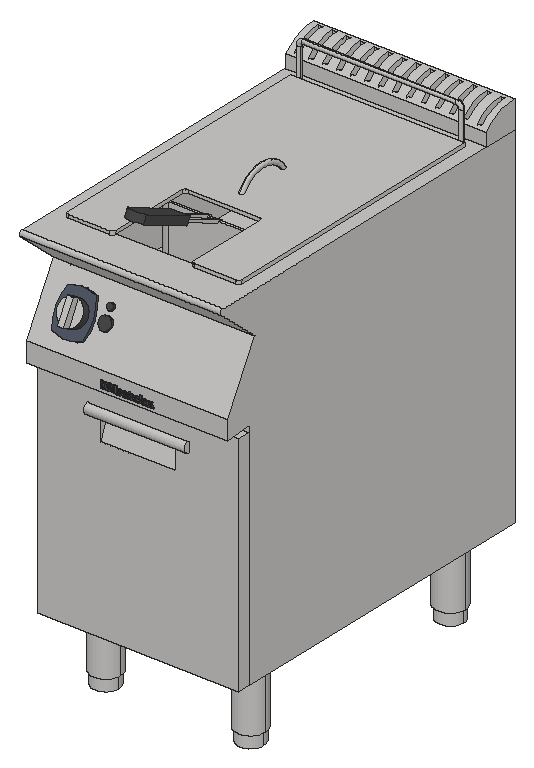
Revit family "QF_ELECTROLUXPROFESSIONAL_371424_E7KKBTBAMCI", category Attrezzature speciali, Revit 2018 (continued)
Automatic sketch dimensions
  Extrusion 39 sketch curve to Extrusion 39 sketch curve = 0.959 mm
  Extrusion 39 sketch curve to Extrusion 39 sketch curve = 0.176 mm
  Extrusion 39 sketch curve to Extrusion 39 sketch curve = 0.728 mm
  Extrusion 39 sketch curve to Extrusion 39 sketch curve = 3.375 mm  (x2)
  Extrusion 39 sketch curve to Extrusion 39 sketch curve = 1.905 mm
  Extrusion 39 sketch curve to Extrusion 39 sketch curve = 0.955 mm
  Extrusion 39 sketch curve to Extrusion 39 sketch curve = 1.251 mm
  Extrusion 39 sketch curve to Extrusion 39 sketch curve = 0.572 mm
  Extrusion 39 sketch curve to Extrusion 39 sketch curve = 1.92 mm
  Extrusion 39 sketch curve to Extrusion 39 sketch curve = 1.224 mm
  Extrusion 39 sketch curve to Extrusion 39 sketch curve = 0.745 mm
  Extrusion 39 sketch curve to Extrusion 39 sketch curve = 2.537 mm
  Extrusion 39 sketch curve to Extrusion 39 sketch curve = 0.896 mm  (x3)
  Extrusion 39 sketch curve to Extrusion 39 sketch curve = 0.036 mm
  Extrusion 39 sketch curve to Extrusion 39 sketch curve = 2.607 mm
  Extrusion 39 sketch curve to Extrusion 39 sketch curve = 0.066 mm
  Extrusion 39 sketch curve to Extrusion 39 sketch curve = 0.248 mm
  Extrusion 39 sketch curve to Extrusion 39 sketch curve = 0.449 mm
  Extrusion 39 sketch curve to Extrusion 39 sketch curve = 1.052 mm
  Extrusion 39 sketch curve to Extrusion 39 sketch curve = 1.863 mm
  Extrusion 39 sketch curve to Extrusion 39 sketch curve = 1.31 mm  (x2)
  Extrusion 39 sketch curve to Extrusion 39 sketch curve = 0.901 mm
  Extrusion 39 sketch curve to Extrusion 39 sketch curve = 1.107 mm
  Extrusion 39 sketch curve to Extrusion 39 sketch curve = 2.122 mm
  Extrusion 39 sketch curve to Extrusion 39 sketch curve = 2.101 mm
  Extrusion 39 sketch curve to Extrusion 39 sketch curve = 0.106 mm
  Extrusion 39 sketch curve to Extrusion 39 sketch curve = 0.029 mm
  Extrusion 39 sketch curve to Extrusion 39 sketch curve = 2.09 mm
  Extrusion 39 sketch curve to Extrusion 39 sketch curve = 1.279 mm
  Extrusion 39 sketch curve to Extrusion 39 sketch curve = 2.008 mm
  Extrusion 39 sketch curve to Extrusion 39 sketch curve = 0.738 mm
  Extrusion 39 sketch curve to Extrusion 39 sketch curve = 0.382 mm
  Extrusion 39 sketch curve to Extrusion 39 sketch curve = 0.384 mm
  Extrusion 39 sketch curve to Extrusion 39 sketch curve = 0.002 mm
  Extrusion 39 sketch curve to Extrusion 39 sketch curve = 0.561 mm
  Extrusion 39 sketch curve to Extrusion 39 sketch curve = 0.592 mm
  Extrusion 39 sketch curve to Extrusion 39 sketch curve = 2.692 mm
  Extrusion 39 sketch curve to Extrusion 39 sketch curve = 1.259 mm
  Extrusion 39 sketch curve to Extrusion 39 sketch curve = 0.802 mm
  Extrusion 39 sketch curve to Extrusion 39 sketch curve = 1.024 mm  (x2)
  Extrusion 39 sketch curve to Extrusion 39 sketch curve = 0.682 mm
  Extrusion 39 sketch curve to Extrusion 39 sketch curve = 5.934 mm
  Extrusion 39 sketch curve to Extrusion 39 sketch curve = 2.186 mm
  Extrusion 39 sketch curve to Extrusion 39 sketch curve = 0.337 mm
  Extrusion 39 sketch curve to Extrusion 39 sketch curve = 0.021 mm
  Extrusion 39 sketch curve to Extrusion 39 sketch curve = 1.005 mm
  Extrusion 39 sketch curve to Extrusion 39 sketch curve = 0.552 mm
  Extrusion 39 sketch curve to Extrusion 39 sketch curve = 0.778 mm
  Extrusion 39 sketch curve to Extrusion 39 sketch curve = 0.063 mm
  Extrusion 39 sketch curve to Extrusion 39 sketch curve = 1.023 mm
  Extrusion 39 sketch curve to Extrusion 39 sketch curve = 3.804 mm
  Extrusion 39 sketch curve to Extrusion 39 sketch curve = 0.486 mm
  Extrusion 39 sketch curve to Extrusion 39 sketch curve = 0.266 mm  (x2)
  Extrusion 39 sketch curve to Extrusion 39 sketch curve = 1.547 mm
  Extrusion 39 sketch curve to Extrusion 39 sketch curve = 0.717 mm  (x2)
  Extrusion 39 sketch curve to Extrusion 39 sketch curve = 1.667 mm
  Extrusion 39 sketch curve to Extrusion 39 sketch curve = 3.174 mm
  Extrusion 39 sketch curve to plane 7 "Center Y" = 0.741 mm
  Extrusion 39 sketch curve to Extrusion 39 sketch curve = 0.388 mm
  Extrusion 39 sketch curve to Extrusion 39 sketch curve = 1.342 mm
  Extrusion 39 sketch curve to Extrusion 39 sketch curve = 1.521 mm
  Extrusion 39 sketch curve to Extrusion 39 sketch curve = 0.124 mm
  Extrusion 39 sketch curve to Extrusion 39 sketch curve = 0.291 mm
  plane 7 "Center Y" to Extrusion 39 sketch curve = 6.176 mm
  Extrusion 39 sketch curve to Extrusion 39 sketch curve = 1.049 mm  (x2)
  Extrusion 39 sketch curve to Extrusion 39 sketch curve = 1.7 mm
  Extrusion 39 sketch curve to Extrusion 39 sketch curve = 0.894 mm
  Extrusion 39 sketch curve to Extrusion 39 sketch curve = 0.989 mm
  Extrusion 39 sketch curve to Extrusion 39 sketch curve = 1.168 mm
  Extrusion 39 sketch curve to Extrusion 39 sketch curve = 1.594 mm
  Extrusion 39 sketch curve to Extrusion 39 sketch curve = 0.731 mm
  Extrusion 39 sketch curve to Extrusion 39 sketch curve = 1.566 mm
  Extrusion 39 sketch curve to Extrusion 39 sketch curve = 0.064 mm
  plane 7 "Center Y" to Extrusion 39 sketch curve = 6.733 mm
  Extrusion 39 sketch curve to Extrusion 39 sketch curve = 0.556 mm  (x2)
  Extrusion 39 sketch curve to Extrusion 39 sketch curve = 0.48 mm
  Extrusion 39 sketch curve to Extrusion 39 sketch curve = 1.018 mm
  Extrusion 39 sketch curve to Extrusion 39 sketch curve = 0.787 mm
  Extrusion 39 sketch curve to Extrusion 39 sketch curve = 0.618 mm
  Extrusion 39 sketch curve to Extrusion 39 sketch curve = 1.672 mm
  Extrusion 39 sketch curve to Extrusion 39 sketch curve = 1.361 mm
  Extrusion 39 sketch curve to Extrusion 39 sketch curve = 0.822 mm
  Extrusion 39 sketch curve to Extrusion 39 sketch curve = 0.069 mm
  Extrusion 39 sketch curve to Extrusion 39 sketch curve = 1.88 mm
  Extrusion 39 sketch curve to Extrusion 39 sketch curve = 0.42 mm
  Extrusion 39 sketch curve to Extrusion 39 sketch curve = 0.062 mm
  Extrusion 39 sketch curve to Extrusion 39 sketch curve = 1.355 mm
  Extrusion 39 sketch curve to Extrusion 39 sketch curve = 2.34 mm
  Extrusion 39 sketch curve to Extrusion 39 sketch curve = 0.493 mm
  Extrusion 39 sketch curve to Extrusion 39 sketch curve = 0.136 mm
  Extrusion 39 sketch curve to Extrusion 39 sketch curve = 0.128 mm
  Extrusion 39 sketch curve to Extrusion 39 sketch curve = 3.616 mm
  Extrusion 39 sketch curve to Extrusion 39 sketch curve = 4.207 mm
  Extrusion 39 sketch curve to Extrusion 39 sketch curve = 0.183 mm
  Extrusion 39 sketch curve to Extrusion 39 sketch curve = 0.895 mm
  Extrusion 39 sketch curve to Extrusion 39 sketch curve = 1.314 mm
  Extrusion 39 sketch curve to Extrusion 39 sketch curve = 3.231 mm
  Extrusion 39 sketch curve to Extrusion 39 sketch curve = 1.299 mm
  Extrusion 39 sketch curve to Extrusion 39 sketch curve = 1.214 mm
  Extrusion 39 sketch curve to Extrusion 39 sketch curve = 1.264 mm
  Extrusion 39 sketch curve to Extrusion 39 sketch curve = 0.109 mm
  Extrusion 39 sketch curve to Extrusion 39 sketch curve = 0.357 mm
  Extrusion 39 sketch curve to Extrusion 39 sketch curve = 0.565 mm
  Extrusion 39 sketch curve to Extrusion 39 sketch curve = 2.504 mm
  Extrusion 39 sketch curve to Extrusion 39 sketch curve = 2.459 mm
  Extrusion 39 sketch curve to Extrusion 39 sketch curve = 1.322 mm
  Extrusion 39 sketch curve to Extrusion 39 sketch curve = 2.77 mm
  Extrusion 39 sketch curve to Extrusion 39 sketch curve = 2.51 mm
  Extrusion 39 sketch curve to Extrusion 39 sketch curve = 0.187 mm
  Extrusion 39 sketch curve to Extrusion 39 sketch curve = 2.559 mm
  Extrusion 39 sketch curve to Extrusion 39 sketch curve = 1.556 mm
  Extrusion 39 sketch curve to Extrusion 39 sketch curve = 0.222 mm
  Extrusion 39 sketch curve to Extrusion 39 sketch curve = 1.383 mm
  Extrusion 39 sketch curve to Extrusion 39 sketch curve = 3.114 mm
  Extrusion 39 sketch curve to Extrusion 39 sketch curve = 3.376 mm
  Extrusion 39 sketch curve to Extrusion 39 sketch curve = 0.934 mm
  Extrusion 39 sketch curve to Extrusion 39 sketch curve = 0.191 mm
  Extrusion 39 sketch curve to Extrusion 39 sketch curve = 3.696 mm
  Extrusion 39 sketch curve to Extrusion 39 sketch curve = 2.708 mm
  Extrusion 39 sketch curve to Extrusion 39 sketch curve = 3.333 mm
  Extrusion 39 sketch curve to Extrusion 39 sketch curve = 0.332 mm
  Extrusion 39 sketch curve to Extrusion 39 sketch curve = 1.087 mm
  Extrusion 39 sketch curve to Extrusion 39 sketch curve = 2.23 mm
  Extrusion 39 sketch curve to Extrusion 39 sketch curve = 2.757 mm
  Extrusion 39 sketch curve to Extrusion 39 sketch curve = 0.987 mm
  Extrusion 39 sketch curve to Extrusion 39 sketch curve = 1.529 mm
  Extrusion 39 sketch curve to Extrusion 39 sketch curve = 1.796 mm
  Extrusion 39 sketch curve to Extrusion 39 sketch curve = 2.859 mm
  Extrusion 39 sketch curve to Extrusion 39 sketch curve = 0.853 mm
  Extrusion 39 sketch curve to Extrusion 39 sketch curve = 1.241 mm
  Extrusion 39 sketch curve to Extrusion 39 sketch curve = 2.046 mm  (x2)
  Extrusion 39 sketch curve to Extrusion 39 sketch curve = 2.422 mm
  Extrusion 39 sketch curve to Extrusion 39 sketch curve = 0.27 mm  (x2)
  Extrusion 39 sketch curve to Extrusion 39 sketch curve = 0.69 mm
  Extrusion 39 sketch curve to Extrusion 39 sketch curve = 0.781 mm  (x2)
  Extrusion 39 sketch curve to Extrusion 39 sketch curve = 3.136 mm
  Extrusion 39 sketch curve to Extrusion 39 sketch curve = 1.767 mm
  Extrusion 39 sketch curve to Extrusion 39 sketch curve = 0.138 mm
  Extrusion 39 sketch curve to Extrusion 39 sketch curve = 0.777 mm
  Extrusion 39 sketch curve to Extrusion 39 sketch curve = 1.19 mm
  Extrusion 39 sketch curve to Extrusion 39 sketch curve = 0.782 mm
  Extrusion 39 sketch curve to Extrusion 39 sketch curve = 1.268 mm
  Extrusion 39 sketch curve to Extrusion 39 sketch curve = 0.422 mm  (x2)
  Extrusion 39 sketch curve to Extrusion 39 sketch curve = 1.559 mm
  Extrusion 39 sketch curve to Extrusion 39 sketch curve = 3.927 mm
  Extrusion 39 sketch curve to Extrusion 39 sketch curve = 0.983 mm
  Extrusion 39 sketch curve to Extrusion 39 sketch curve = 1.134 mm
  Extrusion 39 sketch curve to Extrusion 39 sketch curve = 0.094 mm
  Extrusion 39 sketch curve to Extrusion 39 sketch curve = 1.584 mm
  Extrusion 39 sketch curve to Extrusion 39 sketch curve = 0.643 mm
  Extrusion 39 sketch curve to Extrusion 39 sketch curve = 0.916 mm
  Extrusion 39 sketch curve to Extrusion 39 sketch curve = 0.352 mm
  Extrusion 39 sketch curve to Extrusion 39 sketch curve = 0.458 mm
  Extrusion 39 sketch curve to Extrusion 39 sketch curve = 1.282 mm
  Extrusion 39 sketch curve to Extrusion 39 sketch curve = 1.363 mm
  Extrusion 39 sketch curve to Extrusion 39 sketch curve = 0.685 mm
  Extrusion 39 sketch curve to Extrusion 39 sketch curve = 0.905 mm
  Extrusion 39 sketch curve to Extrusion 39 sketch curve = 2.865 mm
  Extrusion 39 sketch curve to Extrusion 39 sketch curve = 0.472 mm
  Extrusion 39 sketch curve to Extrusion 39 sketch curve = 0.101 mm
  Extrusion 39 sketch curve to Extrusion 39 sketch curve = 0.54 mm
  Extrusion 39 sketch curve to Extrusion 39 sketch curve = 0.02 mm
  Extrusion 39 sketch curve to Extrusion 39 sketch curve = 0.468 mm
  Extrusion 39 sketch curve to Extrusion 39 sketch curve = 0.829 mm
  Extrusion 39 sketch curve to Extrusion 39 sketch curve = 0.582 mm
  Extrusion 39 sketch curve to Extrusion 39 sketch curve = 0.166 mm
  Extrusion 39 sketch curve to Extrusion 39 sketch curve = 0.16 mm
  Extrusion 39 sketch curve to Extrusion 39 sketch curve = 2.781 mm
  Extrusion 39 sketch curve to Extrusion 39 sketch curve = 1.118 mm
  Extrusion 39 sketch curve to Extrusion 39 sketch curve = 0.613 mm
  Extrusion 39 sketch curve to Extrusion 39 sketch curve = 0.361 mm
  Extrusion 39 sketch curve to Extrusion 39 sketch curve = 0.897 mm
  Extrusion 39 sketch curve to Extrusion 39 sketch curve = 0.167 mm
  Extrusion 39 sketch curve to Extrusion 39 sketch curve = 0.292 mm
  Extrusion 39 sketch curve to Extrusion 39 sketch curve = 0.305 mm
  Extrusion 39 sketch curve to Extrusion 39 sketch curve = 1.557 mm
  Extrusion 39 sketch curve to Extrusion 39 sketch curve = 2.499 mm
  Extrusion 39 sketch curve to Extrusion 39 sketch curve = 3.062 mm
  Extrusion 39 sketch curve to Extrusion 39 sketch curve = 2.968 mm
  Extrusion 39 sketch curve to Extrusion 39 sketch curve = 5.044 mm
  Extrusion 39 sketch curve to Extrusion 39 sketch curve = 0.629 mm  (x2)
  Extrusion 39 sketch curve to Extrusion 39 sketch curve = 1.131 mm
  Extrusion 39 sketch curve to Extrusion 39 sketch curve = 0.027 mm
  Extrusion 39 sketch curve to Extrusion 39 sketch curve = 2.235 mm
  radius of Sweep 5 sketch curve = 4.353 mm
  radius of Sweep 6 sketch curve = 3.827 mm
  radius of Extrusion 22 sketch curve = 25.4 mm
  radius of Extrusion 23 sketch curve to Extrusion 22 = 0 mm  (x2)
  radius of Extrusion 24 sketch curve = 6.35 mm
  radius of Extrusion 25 sketch curve = 12.7 mm
  radius of Extrusion 38 sketch curve = 6.35 mm
Connectors
  piping at (348, -505, 137.3), diameter 12.8
    settings: on Extrusion 38, index 1, connector inside diameter 0.50394", connector length 0 mm, flow factor 0, pipe flow 0 GPM, pressure drop 0.00 psi, fitting loss kfactor 0, connector angle 0.00°, fixture units 0, engagement length 0 mm, angle of deflection 0.00°, flow configuration 1, flow direction 1, fitting loss method 0, system type 7, joint type 0, gender type 0, connector reference index -1, connector utility 0, adjustable connector no, is connector primary yes, connector description "Gas Inlet"
Types (2, lengths in mm): name | URL | Modello | Produttore | Gas Size | Descrizione
  (no name) | "www.electrolux.com/foodservice" | "371068" | "ELECTROLUX" | 0" | "700XP One 7 Lt. Well Freestanding Gas Fryer - LPG/Natural Gas"
  Standard | "https://www.electroluxprofessional.com/" | "E7KKBTBAMCI" | "Electrolux Professional" | 1/2" | "7 LITRE GAS FRYER 400MM - QMARK"
